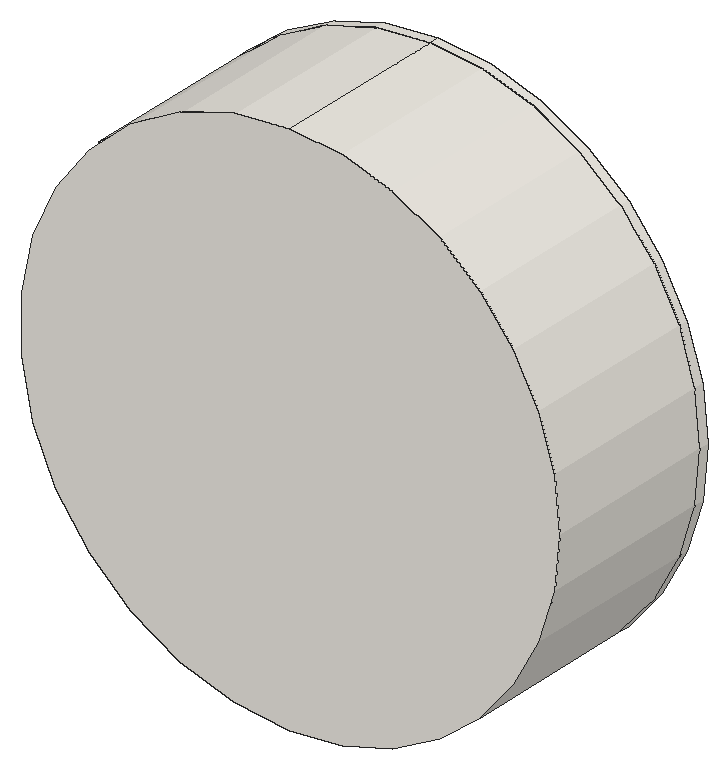
Revit family "ERA_LF_WC_SPB-201", category Осветительные приборы, Revit 2019
Family settings
  Размер круглого соединителя = Использовать диаметр
  Тип детали = Нормальный
  Номер OmniClass = 23.80.70.00
  Заголовок OmniClass = Lighting
  На основе рабочей плоскости = Нет
  Всегда вертикально = Да
  При загрузке вырезать с полостями = Нет
  Источник света = Да
  Общий = Нет
  Точка расчета площади = Да
Parameters (values of type "SPB-201-0-40K-008, LED, IP65, d 140х48 мм, 8 Вт, 4000 К, 760 лм, класс защиты II, в комплекте (линейный стабилизатор)")
  built-in parameter 1150104 = 13.8 (stored number, unit not read)
  built-in parameter 1150134 = 3
  Файл фотометрической сетки = "SPB-201-0-40K-008.ies"
  Tilt Angle = 90.00°
  УГО_Смещение по оси Y [instance] = 1000.00 mm
  УГО_Смещение по оси X [instance] = 1000.00 mm
  built-in parameter 1150137 = (empty or 0)
  built-in parameter 1150132 = 2
  built-in parameter 1150114 = 1 (stored number, unit not read)
  Dimming Lamp Color Temperature Shift = (empty or 0)
  built-in parameter 1150105 = 486.97 (stored number, unit not read)
  Color Filter = 16777215
  Lumens = 760 lm
  built-in parameter 1150109 = 1 (stored number, unit not read)
  built-in parameter 1150112 = 1 (stored number, unit not read)
  built-in parameter 1150110 = 1 (stored number, unit not read)
  built-in parameter 1150113 = 1 (stored number, unit not read)
  built-in parameter 1150115 = 1 (stored number, unit not read)
  built-in parameter 1114218 = 1 (stored number, unit not read)
  built-in parameter 1114217 = 1 (stored number, unit not read)
  built-in parameter 1150106 = 4.8697 (stored number, unit not read)
  built-in parameter 1150142 = "IESNA:LM-63-1995\r\n[DATA] 05.11.2020\r\n[MANUFAC]??РА\r\n[LUMCAT] SPB-201-0-40К-008\r\n[LUMINAIRE] Светильник\r\n[LAMP] Светодиодный модуль\r\nTILT=NONE\r\n1 691 0.692 181 1 1 2 -0.14 0.000 0.05\r\n1 1 7.478\r\n0 1 2 3 4 5 6 7 8 9 10 11 12 13 14 15 16 17 18 19 20 21 22 23 24 25 26 27 28 29 30 31 32 33 34 35 36 37 38 39 40 41 42 43 44 45 46 47 48 49 50 51 52 53 54 55 56 57 58 59 60 61 62 63 64 65 66 67 68 69 70 71 72 73 74 75 76 77 78 79 80 81 82 83 84 85 86 87 88 89 90 91 92 93 94 95 96 97 98 99 100 101 102 103 104 105 106 107 108 109 110 111 112 113 114 115 116 117 118 119 120 121 122 123 124 125 126 127 128 129 130 131 132 133 134 135 136 137 138 139 140 141 142 143 144 145 146 147 148 149 150 151 152 153 154 155 156 157 158 159 160 161 162 163 164 165 166 167 168 169 170 171 172 173 174 175 176 177 178 179 180 \r\n0\r\n270.8 270.8 270.7 270.5 270.2 269.9 269.4 268.9 268.3 267.6 266.8 265.9 264.9 263.9 262.8 261.6 260.3 259 257.6 256 254.5 252.8 251.1 249.3 247.4 245.5 243.4 241.4 239.2 237 234.8 232.4 230 227.6 225.1 222.5 219.9 217.2 214.5 211.7 208.8 206 203 200 197 193.9 190.8 187.6 184.4 181.2 177.9 174.6 171.2 167.8 164.4 160.9 157.4 153.8 150.3 146.6 143 139.4 135.7 132 128.2 124.5 120.7 116.9 113.1 109.3 105.4 101.6 97.8 94 90.2 86.4 82.7 78.9 75.3 71.7 68.1 64.7 61.3 58.1 55.1 52.2 49.4 47 44.8 42.7 40.9 39.2 37.7 36.3 34.9 33.6 32.3 31.1 29.9 28.8 27.7 26.6 25.5 24.5 23.4 22.5 21.5 20.5 19.5 18.6 17.7 16.8 15.9 15.1 14.2 13.4 12.6 11.8 11.1 10.4 9.7 9 8.4 7.8 7.2 6.6 6.1 5.6 4.9 4.2 3.8 3.1 2.7 2.1 0.7 0 0 0 0 0 0 0 0 0 0 0 0 0 0 0 0 0 0 0 0 0 0 0 0 0 0 0 0 0 0 0 0 0 0 0 0 0 0 0 0 0 0 0 0 0 0"
  built-in parameter 1150133 = 10 (stored number, unit not read)
  Wattage = 9.2903 W
  built-in parameter 1150139 = (empty or 0)
  built-in parameter 1150138 = (empty or 0)
  built-in parameter 1150107 = 4000 (stored number, unit not read)
  built-in parameter 1150102 = (empty or 0)
  Emit from Rectangle Width = _Корпус_Ширина  # 1.00 mm
  Emit from Rectangle Length = _Корпус_Длина  # 1.00 mm
  Emit Shape Visible in Rendering = no
  _УГО_Ширина = if(_Корпус_Ширина / УГО_Масштаб < 1.00 mm, 1.00 mm, _Корпус_Ширина / УГО_Масштаб)  # 1.00 mm
  УГО_Масштаб = 100
  _УГО_Длина = if(_Корпус_Длина / УГО_Масштаб < 1.00 mm, 1.00 mm, _Корпус_Длина / УГО_Масштаб)  # 1.00 mm
  _УГО_Диаметр = if(_Корпус_Длина / УГО_Масштаб < 1.00 mm, 1.00 mm, _Корпус_Длина / УГО_Масштаб)  # 1.00 mm
  УГО_Видимость [instance] = not(УГО_Реальный размер)  # yes
  УГО_Аварийный [instance] = no
  Тип установки = "Настенный"
  Степень защиты IP = "IP65"
  Разработчик модели = "https://www.teslabim.ru"
  _Корпус_Ширина = if(ADSK_Размер_Ширина < 1.00 mm, 1.00 mm, ADSK_Размер_Ширина)  # 1.00 mm
  _Корпус_Длина = if(ADSK_Размер_Длина < 1.00 mm, 1.00 mm, ADSK_Размер_Длина)  # 1.00 mm
  built-in parameter 1114216 [instance] = 1 (stored number, unit not read)
  Цвет = Белый
  УГО_Реальный размер [instance] = no
  Description = ""
  Lamp = ""
  Комплект = "Импульсный драйвер"
  Класс пожароопасности = "Нет"
  Класс защиты = "II"
  Источник света = "LED"
  Manufacturer = ""
  Геометрия изделия = "Круглый"
  _Корпус_Диаметр = if(ADSK_Размер_Диаметр < 1.00 mm, 1.00 mm, ADSK_Размер_Диаметр)  # 140.00 mm
  _Корпус_Высота = if(ADSK_Размер_Высота < 1.00 mm, 1.00 mm, ADSK_Размер_Высота)  # 48.00 mm
  URL = "https://www.eraworld.ru/catalog/2652963"
  ADSK_Размер_Ширина = 0.00 mm
  ADSK_Размер_Длина = 0.00 mm
  ADSK_Размер_Диаметр = 140.00 mm
  ADSK_Примечание = "Импульсный драйвер"
  ADSK_Полная мощность = ADSK_Номинальная мощность / ADSK_Коэффициент мощности  # 11.4286 VA
  ADSK_Позиция = ""
  ADSK_Номинальная мощность = 8 W
  ADSK_Напряжение = 230 V
  ADSK_Наименование краткое = "Светильник"
  ADSK_Масса = 0.118
  ADSK_Марка = "SPB-201-0-40K-008"
  ADSK_Коэффициент мощности = 0.7
  ADSK_Количество фаз = 1
  ADSK_Код изделия = ""
  ADSK_Классификация нагрузок = Освещение
  ADSK_Размер_Высота = 48.00 mm
  ADSK_Обозначение = ADSK_Марка  # "SPB-201-0-40K-008"
  ADSK_Наименование = "Светильник, LED, круглый, настенный, IP65, d 140х48 мм, 8 Вт, 4000 К, 760 лм, класс защиты II, в комплекте (линейный стабилизатор)"
  ADSK_Завод-изготовитель = "ЭРА"
  ADSK_Единица измерения = "шт."
Reference planes
  plane 1 "По центру (Вперед/Назад)": y = 0
  plane 2: z = 0
  plane 3 "По центру (Влево/Вправо)": x = 0
  plane 4 "X": x = 1000
  plane 5 "Y": y = -900
  plane 6 "ИС": y = 48
Lines and regions (mm)
  reference lines
    curve 1: line (50, 100, 0) -> (150, 100, 0)
    curve 2: line (0, -50, 0) -> (0, 50, 0)
  reference lines, not visible
    curve 3: line (651.535, -544.594, 0) -> (751.535, -544.594, 0)
    curve 4: line (601.535, -694.594, 0) -> (601.535, -594.594, 0)
Dimensions and locks
  "УГО_Смещение по оси X": curve 2 to plane 4 "X"
  "УГО_Смещение по оси Y": plane 5 "Y" to curve 1
  "_Корпус_Высота": plane 6 "ИС" to plane 1 "По центру (Вперед/Назад)"
  "_Корпус_Высота": plane 1 "По центру (Вперед/Назад)" to plane 6 "ИС"
  aligned and locked: level to plane 2
  aligned and locked: nested 1 to plane 3 "По центру (Влево/Вправо)"
  aligned and locked: nested 1 to plane 2
  aligned and locked: plane 2 to imposter light
  aligned and locked: imposter light to plane 6 "ИС"
  aligned and locked: nested 2 to curve 1
  aligned and locked: curve 2 to nested 2
Nested families
  nested 1: "GM_ОП_Кр_Корпус" at (0, 0, 0) x (0, 0, -1) z (0, 1, 0), type "GM_ОП_Кр_Корпус"
    with Рассеиватель_Высота 2.40 mm, Корпус_Диаметр 140.00 mm, Корпус_Высота 48.00 mm, Кант_Ширина 7.00 mm
  nested 2: "GA_УГО_ОП_н_Пр" at (0, 100, 0), visible <- "УГО_Видимость", type "GA_УГО_ОП_н_Пр", detail levels coarse+medium
    with Аварийный no
Connectors
  electrical at (0, 0, 0), driven by "ADSK_Коэффициент мощности", driven by "ADSK_Количество фаз", driven by "ADSK_Классификация нагрузок", driven by "ADSK_Напряжение", driven by "ADSK_Полная мощность"
    settings: index 1, voltage 230 V, apparent load 11.4286 VA, apparent load phase1 0 VA, apparent load phase2 0 VA, apparent load phase3 0 VA, power factor 0.7, load classification "Освещение", number of poles 1, system type 30, power factor state 1, is connector primary yes, connector utility no, sub classification motor no, connector description ""
Definition of nested family "GM_ОП_Кр_Корпус"
  Parameters (values of type "GM_ОП_Кр_Корпус")
    Рассеиватель_Высота = Корпус_Высота * 0.05  # 4.25 mm
    Корпус_Ширина = 1.00 mm
    Цвет = none
    Реальный размер = no
    Default Elevation = 0.00 mm
    Корпус_Длина = 1.00 mm
    Корпус_Диаметр = 250.00 mm
    Корпус_Высота = 85.00 mm
    Кант_Ширина = Корпус_Диаметр * 0.05  # 12.50 mm
  Reference planes
    plane 1 "По центру (Вперед/Назад)": y = 0
    plane 2: z = 0
    plane 3 "По центру (Влево/Вправо)": x = 0
    plane 4 "В": z = 85
    plane 5 "Р": z = 80.75
  Forms (mm)
    Extrusion 1, solid, material <- "Цвет", detail levels fine
      sketch origin (0, 0, 0) x (1, 0, 0) y (0, 1, 0)
        loop
          circle (0, 0) r 125
      from 0 to 80.75
    Extrusion 2, solid, visible <- "Реальный размер", detail levels coarse+medium
      sketch origin (0, 0, 0) x (1, 0, 0) y (0, 1, 0)
        loop
          circle (0, 0) r 125
      from 0 to 85 <- "Корпус_Высота"
  Dimensions and locks
    "Корпус_Высота": plane 2 to plane 4 "В"
    "Рассеиватель_Высота": plane 5 "Р" to plane 4 "В"
    "Корпус_Диаметр": diameter of Extrusion 2 sketch curve
    "Корпус_Диаметр": diameter of Extrusion 1 sketch curve
    aligned and locked: level to plane 2
    aligned and locked: Extrusion 1 to plane 2
    aligned and locked: Extrusion 2 to plane 2
    aligned and locked: nested 1 to plane 4 "В"
    aligned and locked: plane 3 "По центру (Влево/Вправо)" to nested 1
    aligned and locked: plane 1 "По центру (Вперед/Назад)" to nested 1
    aligned and locked: Extrusion 1 to plane 5 "Р"
  Automatic sketch dimensions
    plane 1 "По центру (Вперед/Назад)" to Extrusion 1 sketch curve = 0.00 mm
    Extrusion 1 sketch curve to plane 3 "По центру (Влево/Вправо)" = 0.00 mm
    plane 1 "По центру (Вперед/Назад)" to Extrusion 2 sketch curve = 0.00 mm
    Extrusion 2 sketch curve to plane 3 "По центру (Влево/Вправо)" = 0.00 mm
  Nested families
    nested 1: "GM_ОП_Пр_Рассеиватель" at (0, 0, 80.75), type "GM_ОП_Пр_Рассеиватель"
      with Рассеиватель_Диаметр 237.50 mm, Корпус_Ширина 1.00 mm, Корпус_Длина 1.00 mm, Корпус_Высота 4.25 mm, Кант_Ширина 12.50 mm, Корпус_Диаметр 250.00 mm
  Definition of nested family "GM_ОП_Пр_Рассеиватель"
    Parameters (values of type "GM_ОП_Пр_Рассеиватель")
      Рассеиватель_Диаметр = Корпус_Диаметр - Кант_Ширина  # 465.321 mm
      Корпус_Ширина = 124.00 mm
      Цвет = none
      Default Elevation = 1000.00 mm
      Корпус_Длина = 263.00 mm
      Корпус_Высота = 2.30 mm
      Кант_Ширина = 5.00 mm
      Корпус_Диаметр = 470.321 mm
    Reference planes
      plane 1 "По центру (Вперед/Назад)": y = 0
      plane 2: z = 0
      plane 3 "По центру (Влево/Вправо)": x = 0
    Forms (mm)
      Extrusion 1, solid, material <- "Цвет", detail levels fine
        sketch origin (0, 0, 0) x (1, 0, 0) y (0, 1, 0)
          loop
            circle (0, 0) r 235.16
          loop
            circle (0, 0) r 232.66
        from 0 to 2.3 <- "Корпус_Высота"
      Extrusion 2, solid, detail levels fine
        sketch origin (20, -32.684, 0) x (1, 0, 0) y (0, 1, 0)
          loop
            circle (-20, 32.684) r 232.66
        from 0 to 2.3 <- "Корпус_Высота"
    Dimensions and locks
      "Корпус_Диаметр": diameter of Extrusion 1 sketch curve
      "Рассеиватель_Диаметр": diameter of Extrusion 2 sketch curve
      aligned and locked: level to plane 2
      aligned and locked: Extrusion 1 to plane 2
      aligned and locked: Extrusion 1 sketch curve to Extrusion 2  (x2)
    Automatic sketch dimensions
      plane 1 "По центру (Вперед/Назад)" to Extrusion 1 sketch curve = 0.00 mm
      Extrusion 1 sketch curve to plane 3 "По центру (Влево/Вправо)" = 0.00 mm
      plane 1 "По центру (Вперед/Назад)" to Extrusion 2 sketch curve = 0.00 mm
      Extrusion 2 sketch curve to plane 3 "По центру (Влево/Вправо)" = 0.00 mm
Definition of nested family "GA_УГО_ОП_н_Пр"
  Parameters (values of type "GA_УГО_ОП_н_Пр")
    Ширина = 1.00 mm
    Длина = 1.00 mm
    Аварийный = yes
  Reference planes
    plane 1: y = 0
    plane 2: x = 0
  Lines and regions (mm)
    Masking region 1
      outline origin (-3.791, 0.433, 0) x (1, 0, 0) y (0, 1, 0)
        loop
          line (3.291, 0.567) -> (3.291, -0.433) -> (4.291, -0.433) -> (4.291, 0.567) -> (3.291, 0.567)
    reference lines
      curve 1: line (0.5, 2, 0) -> (0.5, 1, 0)
      curve 2: line (0.5, 1, 0) -> (1.5, 1, 0)
    reference lines, not visible
      curve 3: line (1.88, 1.985, 0) -> (1.88, 0.985, 0)
      curve 4: line (1.88, 0.985, 0) -> (2.88, 0.985, 0)
  Text (mm)
    text "А" at (0.659, 3.406, 0), visible <- "Аварийный"
    text "А" at (2.039, 3.391, 0), visible <- "Аварийный", not visible
  Dimensions and locks
    equal spacing: Masking region 1, plane 2, Masking region 1
    "Длина": Masking region 1 to Masking region 1
    "Ширина": plane 1 to Masking region 1
    aligned and locked: Masking region 1 sketch curve to plane 1
    aligned and locked: Masking region 1 to curve 2
    aligned and locked: curve 1 to Masking region 1
  Automatic sketch dimensions
    Masking region 1 sketch curve to plane 2 = 0.50 mm
    plane 2 to Masking region 1 sketch curve = 0.50 mm
    Masking region 1 sketch curve to plane 1 = 1.00 mm
Types (16, lengths in mm): name | Файл фотометрической сетки | Lumens | built-in parameter 1150142 | built-in parameter 1150107 | _Корпус_Диаметр | _Корпус_Высота | URL | ADSK_Размер_Диаметр | ADSK_Полная мощность | ADSK_Номинальная мощность | ADSK_Масса | ADSK_Марка | ADSK_Коэффициент мощности | ADSK_Размер_Высота | ADSK_Обозначение | ADSK_Наименование
  SPB-201-0-40K-008, LED, IP65, d 140х48 мм, 8 Вт, 4000 К, 760 лм, класс защиты II, в комплекте (линейный стабилизатор) | "SPB-201-0-40K-008.ies" | 760 lm | "IESNA:LM-63-1995\r\n[DATA] 05.11.2020\r\n[MANUFAC]??РА\r\n[LUMCAT] SPB-201-0-40К-008\r\n[LUMINAIRE] Светильник\r\n[LAMP] Светодиодный модуль\r\nTILT=NONE\r\n1 691 0.692 181 1 1 2 -0.14 0.000 0.05\r\n1 1 7.478\r\n0 1 2 3 4 5 6 7 8 9 10 11 12 13 14 15 16 17 18 19 20 21 22 23 24 25 26 27 28 29 30 31 32 33 34 35 36 37 38 39 40 41 42 43 44 45 46 47 48 49 50 51 52 53 54 55 56 57 58 59 60 61 62 63 64 65 66 67 68 69 70 71 72 73 74 75 76 77 78 79 80 81 82 83 84 85 86 87 88 89 90 91 92 93 94 95 96 97 98 99 100 101 102 103 104 105 106 107 108 109 110 111 112 113 114 115 116 117 118 119 120 121 122 123 124 125 126 127 128 129 130 131 132 133 134 135 136 137 138 139 140 141 142 143 144 145 146 147 148 149 150 151 152 153 154 155 156 157 158 159 160 161 162 163 164 165 166 167 168 169 170 171 172 173 174 175 176 177 178 179 180 \r\n0\r\n270.8 270.8 270.7 270.5 270.2 269.9 269.4 268.9 268.3 267.6 266.8 265.9 264.9 263.9 262.8 261.6 260.3 259 257.6 256 254.5 252.8 251.1 249.3 247.4 245.5 243.4 241.4 239.2 237 234.8 232.4 230 227.6 225.1 222.5 219.9 217.2 214.5 211.7 208.8 206 203 200 197 193.9 190.8 187.6 184.4 181.2 177.9 174.6 171.2 167.8 164.4 160.9 157.4 153.8 150.3 146.6 143 139.4 135.7 132 128.2 124.5 120.7 116.9 113.1 109.3 105.4 101.6 97.8 94 90.2 86.4 82.7 78.9 75.3 71.7 68.1 64.7 61.3 58.1 55.1 52.2 49.4 47 44.8 42.7 40.9 39.2 37.7 36.3 34.9 33.6 32.3 31.1 29.9 28.8 27.7 26.6 25.5 24.5 23.4 22.5 21.5 20.5 19.5 18.6 17.7 16.8 15.9 15.1 14.2 13.4 12.6 11.8 11.1 10.4 9.7 9 8.4 7.8 7.2 6.6 6.1 5.6 4.9 4.2 3.8 3.1 2.7 2.1 0.7 0 0 0 0 0 0 0 0 0 0 0 0 0 0 0 0 0 0 0 0 0 0 0 0 0 0 0 0 0 0 0 0 0 0 0 0 0 0 0 0 0 0 0 0 0 0" | 4000 (stored number, unit not read) | 140.00 | 48.00 | "https://www.eraworld.ru/catalog/2652963" | 140.00 | 11.4286 VA | 8 W | 0.118 | "SPB-201-0-40K-008" | 0.7 | 48.00 | "SPB-201-0-40K-008" | "Светильник, LED, круглый, настенный, IP65, d 140х48 мм, 8 Вт, 4000 К, 760 лм, класс защиты II, в комплекте (линейный стабилизатор)"
  SPB-201-0-65K-008, LED, IP65, d 140х48 мм, 8 Вт, 6500 К, 760 лм, класс защиты II, в комплекте (импульсный драйвер) | "SPB-201-0-65K-008.ies" | 760 lm | "IESNA:LM-63-1995\r\n[DATA] 05.11.2020\r\n[MANUFAC]??РА\r\n[LUMCAT] SPB-201-0-65К-008\r\n[LUMINAIRE] Светильник\r\n[LAMP] Светодиодный модуль\r\nTILT=NONE\r\n1 691 0.692 181 1 1 2 -0.14 0.000 0.05\r\n1 1 7.478\r\n0 1 2 3 4 5 6 7 8 9 10 11 12 13 14 15 16 17 18 19 20 21 22 23 24 25 26 27 28 29 30 31 32 33 34 35 36 37 38 39 40 41 42 43 44 45 46 47 48 49 50 51 52 53 54 55 56 57 58 59 60 61 62 63 64 65 66 67 68 69 70 71 72 73 74 75 76 77 78 79 80 81 82 83 84 85 86 87 88 89 90 91 92 93 94 95 96 97 98 99 100 101 102 103 104 105 106 107 108 109 110 111 112 113 114 115 116 117 118 119 120 121 122 123 124 125 126 127 128 129 130 131 132 133 134 135 136 137 138 139 140 141 142 143 144 145 146 147 148 149 150 151 152 153 154 155 156 157 158 159 160 161 162 163 164 165 166 167 168 169 170 171 172 173 174 175 176 177 178 179 180 \r\n0\r\n270.8 270.8 270.7 270.5 270.2 269.9 269.4 268.9 268.3 267.6 266.8 265.9 264.9 263.9 262.8 261.6 260.3 259 257.6 256 254.5 252.8 251.1 249.3 247.4 245.5 243.4 241.4 239.2 237 234.8 232.4 230 227.6 225.1 222.5 219.9 217.2 214.5 211.7 208.8 206 203 200 197 193.9 190.8 187.6 184.4 181.2 177.9 174.6 171.2 167.8 164.4 160.9 157.4 153.8 150.3 146.6 143 139.4 135.7 132 128.2 124.5 120.7 116.9 113.1 109.3 105.4 101.6 97.8 94 90.2 86.4 82.7 78.9 75.3 71.7 68.1 64.7 61.3 58.1 55.1 52.2 49.4 47 44.8 42.7 40.9 39.2 37.7 36.3 34.9 33.6 32.3 31.1 29.9 28.8 27.7 26.6 25.5 24.5 23.4 22.5 21.5 20.5 19.5 18.6 17.7 16.8 15.9 15.1 14.2 13.4 12.6 11.8 11.1 10.4 9.7 9 8.4 7.8 7.2 6.6 6.1 5.6 4.9 4.2 3.8 3.1 2.7 2.1 0.7 0 0 0 0 0 0 0 0 0 0 0 0 0 0 0 0 0 0 0 0 0 0 0 0 0 0 0 0 0 0 0 0 0 0 0 0 0 0 0 0 0 0 0 0 0 0" | 6500 (stored number, unit not read) | 140.00 | 48.00 | "https://www.eraworld.ru/catalog/2652964" | 140.00 | 11.4286 VA | 8 W | 0.118 | "SPB-201-0-65K-008" | 0.7 | 48.00 | "SPB-201-0-65K-008" | "Светильник, LED, круглый, настенный, IP65, d 140х48 мм, 8 Вт, 6500 К, 760 лм, класс защиты II, в комплекте (импульсный драйвер)"
  SPB-201-1-40K-008, LED, IP65, d 140х48 мм, 8 Вт, 4000 К, 760 лм, класс защиты II, в комплекте (импульсный драйвер) | "SPB-201-1-40K-008.ies" | 760 lm | "IESNA:LM-63-1995\r\n[DATA] 05.11.2020\r\n[MANUFAC]??РА\r\n[LUMCAT] SPB-201-1-40К-008\r\n[LUMINAIRE] Светильник\r\n[LAMP] Светодиодный модуль\r\nTILT=NONE\r\n1 691 0.692 181 1 1 2 -0.14 0.000 0.05\r\n1 1 7.478\r\n0 1 2 3 4 5 6 7 8 9 10 11 12 13 14 15 16 17 18 19 20 21 22 23 24 25 26 27 28 29 30 31 32 33 34 35 36 37 38 39 40 41 42 43 44 45 46 47 48 49 50 51 52 53 54 55 56 57 58 59 60 61 62 63 64 65 66 67 68 69 70 71 72 73 74 75 76 77 78 79 80 81 82 83 84 85 86 87 88 89 90 91 92 93 94 95 96 97 98 99 100 101 102 103 104 105 106 107 108 109 110 111 112 113 114 115 116 117 118 119 120 121 122 123 124 125 126 127 128 129 130 131 132 133 134 135 136 137 138 139 140 141 142 143 144 145 146 147 148 149 150 151 152 153 154 155 156 157 158 159 160 161 162 163 164 165 166 167 168 169 170 171 172 173 174 175 176 177 178 179 180 \r\n0\r\n270.8 270.8 270.7 270.5 270.2 269.9 269.4 268.9 268.3 267.6 266.8 265.9 264.9 263.9 262.8 261.6 260.3 259 257.6 256 254.5 252.8 251.1 249.3 247.4 245.5 243.4 241.4 239.2 237 234.8 232.4 230 227.6 225.1 222.5 219.9 217.2 214.5 211.7 208.8 206 203 200 197 193.9 190.8 187.6 184.4 181.2 177.9 174.6 171.2 167.8 164.4 160.9 157.4 153.8 150.3 146.6 143 139.4 135.7 132 128.2 124.5 120.7 116.9 113.1 109.3 105.4 101.6 97.8 94 90.2 86.4 82.7 78.9 75.3 71.7 68.1 64.7 61.3 58.1 55.1 52.2 49.4 47 44.8 42.7 40.9 39.2 37.7 36.3 34.9 33.6 32.3 31.1 29.9 28.8 27.7 26.6 25.5 24.5 23.4 22.5 21.5 20.5 19.5 18.6 17.7 16.8 15.9 15.1 14.2 13.4 12.6 11.8 11.1 10.4 9.7 9 8.4 7.8 7.2 6.6 6.1 5.6 4.9 4.2 3.8 3.1 2.7 2.1 0.7 0 0 0 0 0 0 0 0 0 0 0 0 0 0 0 0 0 0 0 0 0 0 0 0 0 0 0 0 0 0 0 0 0 0 0 0 0 0 0 0 0 0 0 0 0 0" | 4000 (stored number, unit not read) | 140.00 | 48.00 | "https://www.eraworld.ru/catalog/2652975" | 140.00 | 11.4286 VA | 8 W | 0.128 | "SPB-201-1-40K-008" | 0.7 | 48.00 | "SPB-201-1-40K-008" | "Светильник, LED, круглый, настенный, IP65, d 140х48 мм, 8 Вт, 4000 К, 760 лм, класс защиты II, в комплекте (импульсный драйвер)"
  SPB-201-1-65K-008, LED, IP65, d 140х48 мм, 8 Вт, 6500 К, 760 лм, класс защиты II, в комплекте (импульсный драйвер) | "SPB-201-1-65K-008.ies" | 760 lm | "IESNA:LM-63-1995\r\n[DATA] 05.11.2020\r\n[MANUFAC]??РА\r\n[LUMCAT] SPB-201-1-65К-008\r\n[LUMINAIRE] Светильник\r\n[LAMP] Светодиодный модуль\r\nTILT=NONE\r\n1 691 0.692 181 1 1 2 -0.14 0.000 0.05\r\n1 1 7.478\r\n0 1 2 3 4 5 6 7 8 9 10 11 12 13 14 15 16 17 18 19 20 21 22 23 24 25 26 27 28 29 30 31 32 33 34 35 36 37 38 39 40 41 42 43 44 45 46 47 48 49 50 51 52 53 54 55 56 57 58 59 60 61 62 63 64 65 66 67 68 69 70 71 72 73 74 75 76 77 78 79 80 81 82 83 84 85 86 87 88 89 90 91 92 93 94 95 96 97 98 99 100 101 102 103 104 105 106 107 108 109 110 111 112 113 114 115 116 117 118 119 120 121 122 123 124 125 126 127 128 129 130 131 132 133 134 135 136 137 138 139 140 141 142 143 144 145 146 147 148 149 150 151 152 153 154 155 156 157 158 159 160 161 162 163 164 165 166 167 168 169 170 171 172 173 174 175 176 177 178 179 180 \r\n0\r\n270.8 270.8 270.7 270.5 270.2 269.9 269.4 268.9 268.3 267.6 266.8 265.9 264.9 263.9 262.8 261.6 260.3 259 257.6 256 254.5 252.8 251.1 249.3 247.4 245.5 243.4 241.4 239.2 237 234.8 232.4 230 227.6 225.1 222.5 219.9 217.2 214.5 211.7 208.8 206 203 200 197 193.9 190.8 187.6 184.4 181.2 177.9 174.6 171.2 167.8 164.4 160.9 157.4 153.8 150.3 146.6 143 139.4 135.7 132 128.2 124.5 120.7 116.9 113.1 109.3 105.4 101.6 97.8 94 90.2 86.4 82.7 78.9 75.3 71.7 68.1 64.7 61.3 58.1 55.1 52.2 49.4 47 44.8 42.7 40.9 39.2 37.7 36.3 34.9 33.6 32.3 31.1 29.9 28.8 27.7 26.6 25.5 24.5 23.4 22.5 21.5 20.5 19.5 18.6 17.7 16.8 15.9 15.1 14.2 13.4 12.6 11.8 11.1 10.4 9.7 9 8.4 7.8 7.2 6.6 6.1 5.6 4.9 4.2 3.8 3.1 2.7 2.1 0.7 0 0 0 0 0 0 0 0 0 0 0 0 0 0 0 0 0 0 0 0 0 0 0 0 0 0 0 0 0 0 0 0 0 0 0 0 0 0 0 0 0 0 0 0 0 0" | 6500 (stored number, unit not read) | 140.00 | 48.00 | "https://www.eraworld.ru/catalog/2652977" | 140.00 | 11.4286 VA | 8 W | 0.128 | "SPB-201-1-65K-008" | 0.7 | 48.00 | "SPB-201-1-65K-008" | "Светильник, LED, круглый, настенный, IP65, d 140х48 мм, 8 Вт, 6500 К, 760 лм, класс защиты II, в комплекте (импульсный драйвер)"
  SPB-201-2-40K-008, LED, IP65, d 140х48 мм, 8 Вт, 4000 К, 760 лм, класс защиты II, в комплекте (импульсный драйвер) | "SPB-201-2-40K-008.ies" | 760 lm | "IESNA:LM-63-1995\r\n[DATA] 05.11.2020\r\n[MANUFAC]??РА\r\n[LUMCAT] SPB-201-2-40К-008\r\n[LUMINAIRE] Светильник\r\n[LAMP] Светодиодный модуль\r\nTILT=NONE\r\n1 691 0.692 181 1 1 2 -0.14 0.000 0.05\r\n1 1 7.478\r\n0 1 2 3 4 5 6 7 8 9 10 11 12 13 14 15 16 17 18 19 20 21 22 23 24 25 26 27 28 29 30 31 32 33 34 35 36 37 38 39 40 41 42 43 44 45 46 47 48 49 50 51 52 53 54 55 56 57 58 59 60 61 62 63 64 65 66 67 68 69 70 71 72 73 74 75 76 77 78 79 80 81 82 83 84 85 86 87 88 89 90 91 92 93 94 95 96 97 98 99 100 101 102 103 104 105 106 107 108 109 110 111 112 113 114 115 116 117 118 119 120 121 122 123 124 125 126 127 128 129 130 131 132 133 134 135 136 137 138 139 140 141 142 143 144 145 146 147 148 149 150 151 152 153 154 155 156 157 158 159 160 161 162 163 164 165 166 167 168 169 170 171 172 173 174 175 176 177 178 179 180 \r\n0\r\n270.8 270.8 270.7 270.5 270.2 269.9 269.4 268.9 268.3 267.6 266.8 265.9 264.9 263.9 262.8 261.6 260.3 259 257.6 256 254.5 252.8 251.1 249.3 247.4 245.5 243.4 241.4 239.2 237 234.8 232.4 230 227.6 225.1 222.5 219.9 217.2 214.5 211.7 208.8 206 203 200 197 193.9 190.8 187.6 184.4 181.2 177.9 174.6 171.2 167.8 164.4 160.9 157.4 153.8 150.3 146.6 143 139.4 135.7 132 128.2 124.5 120.7 116.9 113.1 109.3 105.4 101.6 97.8 94 90.2 86.4 82.7 78.9 75.3 71.7 68.1 64.7 61.3 58.1 55.1 52.2 49.4 47 44.8 42.7 40.9 39.2 37.7 36.3 34.9 33.6 32.3 31.1 29.9 28.8 27.7 26.6 25.5 24.5 23.4 22.5 21.5 20.5 19.5 18.6 17.7 16.8 15.9 15.1 14.2 13.4 12.6 11.8 11.1 10.4 9.7 9 8.4 7.8 7.2 6.6 6.1 5.6 4.9 4.2 3.8 3.1 2.7 2.1 0.7 0 0 0 0 0 0 0 0 0 0 0 0 0 0 0 0 0 0 0 0 0 0 0 0 0 0 0 0 0 0 0 0 0 0 0 0 0 0 0 0 0 0 0 0 0 0" | 4000 (stored number, unit not read) | 140.00 | 48.00 | "https://www.eraworld.ru/catalog/2652982" | 140.00 | 11.4286 VA | 8 W | 0.125 | "SPB-201-2-40K-008" | 0.7 | 48.00 | "SPB-201-2-40K-008" | "Светильник, LED, круглый, настенный, IP65, d 140х48 мм, 8 Вт, 4000 К, 760 лм, класс защиты II, в комплекте (импульсный драйвер)"
  SPB-201-2-65K-008, LED, IP65, d 140х48 мм, 8 Вт, 6500 К, 760 лм, класс защиты II, в комплекте (импульсный драйвер) | "SPB-201-2-65K-008.ies" | 760 lm | "IESNA:LM-63-1995\r\n[DATA] 05.11.2020\r\n[MANUFAC]??РА\r\n[LUMCAT] SPB-201-2-65К-008\r\n[LUMINAIRE] Светильник\r\n[LAMP] Светодиодный модуль\r\nTILT=NONE\r\n1 691 0.692 181 1 1 2 -0.14 0.000 0.05\r\n1 1 7.478\r\n0 1 2 3 4 5 6 7 8 9 10 11 12 13 14 15 16 17 18 19 20 21 22 23 24 25 26 27 28 29 30 31 32 33 34 35 36 37 38 39 40 41 42 43 44 45 46 47 48 49 50 51 52 53 54 55 56 57 58 59 60 61 62 63 64 65 66 67 68 69 70 71 72 73 74 75 76 77 78 79 80 81 82 83 84 85 86 87 88 89 90 91 92 93 94 95 96 97 98 99 100 101 102 103 104 105 106 107 108 109 110 111 112 113 114 115 116 117 118 119 120 121 122 123 124 125 126 127 128 129 130 131 132 133 134 135 136 137 138 139 140 141 142 143 144 145 146 147 148 149 150 151 152 153 154 155 156 157 158 159 160 161 162 163 164 165 166 167 168 169 170 171 172 173 174 175 176 177 178 179 180 \r\n0\r\n270.8 270.8 270.7 270.5 270.2 269.9 269.4 268.9 268.3 267.6 266.8 265.9 264.9 263.9 262.8 261.6 260.3 259 257.6 256 254.5 252.8 251.1 249.3 247.4 245.5 243.4 241.4 239.2 237 234.8 232.4 230 227.6 225.1 222.5 219.9 217.2 214.5 211.7 208.8 206 203 200 197 193.9 190.8 187.6 184.4 181.2 177.9 174.6 171.2 167.8 164.4 160.9 157.4 153.8 150.3 146.6 143 139.4 135.7 132 128.2 124.5 120.7 116.9 113.1 109.3 105.4 101.6 97.8 94 90.2 86.4 82.7 78.9 75.3 71.7 68.1 64.7 61.3 58.1 55.1 52.2 49.4 47 44.8 42.7 40.9 39.2 37.7 36.3 34.9 33.6 32.3 31.1 29.9 28.8 27.7 26.6 25.5 24.5 23.4 22.5 21.5 20.5 19.5 18.6 17.7 16.8 15.9 15.1 14.2 13.4 12.6 11.8 11.1 10.4 9.7 9 8.4 7.8 7.2 6.6 6.1 5.6 4.9 4.2 3.8 3.1 2.7 2.1 0.7 0 0 0 0 0 0 0 0 0 0 0 0 0 0 0 0 0 0 0 0 0 0 0 0 0 0 0 0 0 0 0 0 0 0 0 0 0 0 0 0 0 0 0 0 0 0" | 6500 (stored number, unit not read) | 140.00 | 48.00 | "https://www.eraworld.ru/catalog/2652983" | 140.00 | 11.4286 VA | 8 W | 0.125 | "SPB-201-2-65K-008" | 0.7 | 48.00 | "SPB-201-2-65K-008" | "Светильник, LED, круглый, настенный, IP65, d 140х48 мм, 8 Вт, 6500 К, 760 лм, класс защиты II, в комплекте (импульсный драйвер)"
  SPB-201-0-40K-012, LED, IP65, d 155х52 мм, 12 Вт, 4000 К, 1140 лм, класс защиты II, в комплекте (импульсный драйвер) | "SPB-201-0-40K-012.ies" | 1140 lm | "IESNA:LM-63-1995\r\n[DATA] 05.11.2020\r\n[MANUFAC]??РА \r\n[LUMCAT] SPB-201-0-40K-012\r\n[LUMINAIRE] Светильник\r\n[LAMP] Светодиодный модуль\r\nTILT=NONE\r\n1 1271 1.273 181 1 1 2 -0.155 0.000 0.05\r\n1 1 11.433\r\n0 1 2 3 4 5 6 7 8 9 10 11 12 13 14 15 16 17 18 19 20 21 22 23 24 25 26 27 28 29 30 31 32 33 34 35 36 37 38 39 40 41 42 43 44 45 46 47 48 49 50 51 52 53 54 55 56 57 58 59 60 61 62 63 64 65 66 67 68 69 70 71 72 73 74 75 76 77 78 79 80 81 82 83 84 85 86 87 88 89 90 91 92 93 94 95 96 97 98 99 100 101 102 103 104 105 106 107 108 109 110 111 112 113 114 115 116 117 118 119 120 121 122 123 124 125 126 127 128 129 130 131 132 133 134 135 136 137 138 139 140 141 142 143 144 145 146 147 148 149 150 151 152 153 154 155 156 157 158 159 160 161 162 163 164 165 166 167 168 169 170 171 172 173 174 175 176 177 178 179 180 \r\n0\r\n273.8 273.8 273.6 273.4 273.2 272.8 272.3 271.8 271.2 270.5 269.6 268.8 267.8 266.7 265.6 264.4 263.1 261.7 260.3 258.8 257.2 255.5 253.7 251.9 250 248 246 243.9 241.7 239.5 237.2 234.8 232.4 229.9 227.3 224.7 222.1 219.3 216.5 213.7 210.8 207.9 204.9 201.8 198.8 195.6 192.5 189.2 186 182.7 179.3 175.9 172.5 169 165.5 162 158.4 154.7 151.1 147.4 143.7 139.9 136.2 132.4 128.5 124.7 120.8 117 113.1 109.2 105.3 101.3 97.4 93.5 89.6 85.8 81.9 78.1 74.4 70.7 67.1 63.5 60.1 56.8 53.6 50.7 48 45.5 43.3 41.3 39.6 37.9 36.5 35.2 33.8 32.6 31.3 30.1 29 27.9 26.7 25.7 24.6 23.6 22.6 21.6 20.6 19.6 18.6 17.7 16.7 15.8 14.9 14.1 13.2 12.4 11.6 10.8 10.1 9.4 8.7 8.1 7.5 6.9 6.3 5.8 5.1 4.6 3.9 3.5 2.9 2.5 2 0 0 0 0 0 0 0 0 0 0 0 0 0 0 0 0 0 0 0 0 0 0 0 0 0 0 0 0 0 0 0 0 0 0 0 0 0 0 0 0 0 0 0 0 0 0 0 0" | 4000 (stored number, unit not read) | 155.00 | 52.00 | "https://www.eraworld.ru/catalog/2652967" | 155.00 | 14.1176 VA | 12 W | 0.156 | "SPB-201-0-40K-012" | 0.85 | 52.00 | "SPB-201-0-40K-012" | "Светильник, LED, круглый, настенный, IP65, d 155х52 мм, 12 Вт, 4000 К, 1140 лм, класс защиты II, в комплекте (импульсный драйвер)"
  SPB-201-0-65K-012, LED, IP65, d 155х52 мм, 12 Вт, 6500 К, 1140 лм, класс защиты II, в комплекте (импульсный драйвер) | "SPB-201-0-65K-012.ies" | 1140 lm | "IESNA:LM-63-1995\r\n[DATA] 05.11.2020\r\n[MANUFAC]??РА \r\n[LUMCAT] SPB-201-0-65К-012\r\n[LUMINAIRE] Светильник\r\n[LAMP] Светодиодный модуль\r\nTILT=NONE\r\n1 1271 1.273 181 1 1 2 -0.155 0.000 0.05\r\n1 1 11.433\r\n0 1 2 3 4 5 6 7 8 9 10 11 12 13 14 15 16 17 18 19 20 21 22 23 24 25 26 27 28 29 30 31 32 33 34 35 36 37 38 39 40 41 42 43 44 45 46 47 48 49 50 51 52 53 54 55 56 57 58 59 60 61 62 63 64 65 66 67 68 69 70 71 72 73 74 75 76 77 78 79 80 81 82 83 84 85 86 87 88 89 90 91 92 93 94 95 96 97 98 99 100 101 102 103 104 105 106 107 108 109 110 111 112 113 114 115 116 117 118 119 120 121 122 123 124 125 126 127 128 129 130 131 132 133 134 135 136 137 138 139 140 141 142 143 144 145 146 147 148 149 150 151 152 153 154 155 156 157 158 159 160 161 162 163 164 165 166 167 168 169 170 171 172 173 174 175 176 177 178 179 180 \r\n0\r\n273.8 273.8 273.6 273.4 273.2 272.8 272.3 271.8 271.2 270.5 269.6 268.8 267.8 266.7 265.6 264.4 263.1 261.7 260.3 258.8 257.2 255.5 253.7 251.9 250 248 246 243.9 241.7 239.5 237.2 234.8 232.4 229.9 227.3 224.7 222.1 219.3 216.5 213.7 210.8 207.9 204.9 201.8 198.8 195.6 192.5 189.2 186 182.7 179.3 175.9 172.5 169 165.5 162 158.4 154.7 151.1 147.4 143.7 139.9 136.2 132.4 128.5 124.7 120.8 117 113.1 109.2 105.3 101.3 97.4 93.5 89.6 85.8 81.9 78.1 74.4 70.7 67.1 63.5 60.1 56.8 53.6 50.7 48 45.5 43.3 41.3 39.6 37.9 36.5 35.2 33.8 32.6 31.3 30.1 29 27.9 26.7 25.7 24.6 23.6 22.6 21.6 20.6 19.6 18.6 17.7 16.7 15.8 14.9 14.1 13.2 12.4 11.6 10.8 10.1 9.4 8.7 8.1 7.5 6.9 6.3 5.8 5.1 4.6 3.9 3.5 2.9 2.5 2 0 0 0 0 0 0 0 0 0 0 0 0 0 0 0 0 0 0 0 0 0 0 0 0 0 0 0 0 0 0 0 0 0 0 0 0 0 0 0 0 0 0 0 0 0 0 0 0" | 6500 (stored number, unit not read) | 155.00 | 52.00 | "https://www.eraworld.ru/catalog/2652968" | 155.00 | 14.1176 VA | 12 W | 0.156 | "SPB-201-0-65K-012" | 0.85 | 52.00 | "SPB-201-0-65K-012" | "Светильник, LED, круглый, настенный, IP65, d 155х52 мм, 12 Вт, 6500 К, 1140 лм, класс защиты II, в комплекте (импульсный драйвер)"
  SPB-201-2-40K-012, LED, IP65, d 155х52 мм, 12 Вт, 4000 К, 1140 лм, класс защиты II, в комплекте (импульсный драйвер) | "SPB-201-2-40K-012.ies" | 1140 lm | "IESNA:LM-63-1995\r\n[DATA] 05.11.2020\r\n[MANUFAC]??РА \r\n[LUMCAT] SPB-201-2-40К-012\r\n[LUMINAIRE] Светильник\r\n[LAMP] Светодиодный модуль\r\nTILT=NONE\r\n1 1271 1.273 181 1 1 2 -0.155 0.000 0.05\r\n1 1 11.433\r\n0 1 2 3 4 5 6 7 8 9 10 11 12 13 14 15 16 17 18 19 20 21 22 23 24 25 26 27 28 29 30 31 32 33 34 35 36 37 38 39 40 41 42 43 44 45 46 47 48 49 50 51 52 53 54 55 56 57 58 59 60 61 62 63 64 65 66 67 68 69 70 71 72 73 74 75 76 77 78 79 80 81 82 83 84 85 86 87 88 89 90 91 92 93 94 95 96 97 98 99 100 101 102 103 104 105 106 107 108 109 110 111 112 113 114 115 116 117 118 119 120 121 122 123 124 125 126 127 128 129 130 131 132 133 134 135 136 137 138 139 140 141 142 143 144 145 146 147 148 149 150 151 152 153 154 155 156 157 158 159 160 161 162 163 164 165 166 167 168 169 170 171 172 173 174 175 176 177 178 179 180 \r\n0\r\n273.8 273.8 273.6 273.4 273.2 272.8 272.3 271.8 271.2 270.5 269.6 268.8 267.8 266.7 265.6 264.4 263.1 261.7 260.3 258.8 257.2 255.5 253.7 251.9 250 248 246 243.9 241.7 239.5 237.2 234.8 232.4 229.9 227.3 224.7 222.1 219.3 216.5 213.7 210.8 207.9 204.9 201.8 198.8 195.6 192.5 189.2 186 182.7 179.3 175.9 172.5 169 165.5 162 158.4 154.7 151.1 147.4 143.7 139.9 136.2 132.4 128.5 124.7 120.8 117 113.1 109.2 105.3 101.3 97.4 93.5 89.6 85.8 81.9 78.1 74.4 70.7 67.1 63.5 60.1 56.8 53.6 50.7 48 45.5 43.3 41.3 39.6 37.9 36.5 35.2 33.8 32.6 31.3 30.1 29 27.9 26.7 25.7 24.6 23.6 22.6 21.6 20.6 19.6 18.6 17.7 16.7 15.8 14.9 14.1 13.2 12.4 11.6 10.8 10.1 9.4 8.7 8.1 7.5 6.9 6.3 5.8 5.1 4.6 3.9 3.5 2.9 2.5 2 0 0 0 0 0 0 0 0 0 0 0 0 0 0 0 0 0 0 0 0 0 0 0 0 0 0 0 0 0 0 0 0 0 0 0 0 0 0 0 0 0 0 0 0 0 0 0 0" | 4000 (stored number, unit not read) | 155.00 | 52.00 | "https://www.eraworld.ru/catalog/2652984" | 155.00 | 14.1176 VA | 12 W | 0.162 | "SPB-201-2-40K-012" | 0.85 | 52.00 | "SPB-201-2-40K-012" | "Светильник, LED, круглый, настенный, IP65, d 155х52 мм, 12 Вт, 4000 К, 1140 лм, класс защиты II, в комплекте (импульсный драйвер)"
